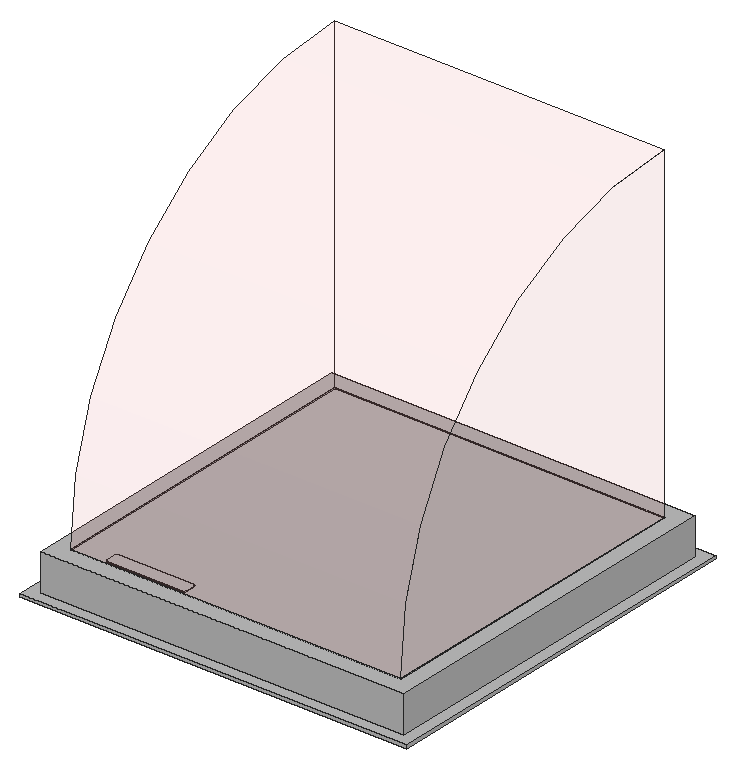
Revit family "Door_Access_Floor_Best_Access_Doors_BA-WTFD-H20", category Specialty Equipment, host Face, Revit 2017
Family settings
  Host = Face
  Round Connector Dimension = Use Diameter
  Part Type = Normal
  Cut with Voids When Loaded = No
  Shared = No
  Room Calculation Point = No
Parameters
  halfswing = (Door Width / 2)  # 1' - 2 1/2"
  Warranty Duration (Years) = 0
  Unit Width = 2' - 0"
  Unit Weight = 0
  Unit Height = 2' - 0"
  Unit Depth = 0' - 3 1/2"
  URL = "https://www.bestaccessdoors.com/"
  Test Data = ""
  Swing Clearance Visible [instance] = yes
  Standards Conformance = "as Specified"
  Specification = ""
  SpecWizard = ""
  SingleSwing [instance] = and(Single Leaf, Swing Clearance Visible)  # yes
  Single Leaf = Unit Width < 4' 0"  # yes
  Sales Information = ""
  Revision = "R1_2017-03"
  Product data url = "https://bimobject.com/best-access-doors/product/watertight-floor-hatch-h20-loading"
  Product Properties = ""
  Product Data = ""
  Overall Width = 2' - 8"
  Overall Height = 2' - 8"
  Opening Width = Unit Width  # 2' - 0"
  Opening Height = Unit Height  # 2' - 0"
  Opening Depth [instance] = 1' - 0"
  Model = "As Specified"
  Manufacturer = "Best Access Doors"  # constant formula
  Maintenance Schedule (Months) = 0
  Keynote = ""
  Installation-Fabrication = ""
  Installation Phase = ""
  Green Building-LEED = ""
  Frame Finish [instance] = Metal - Best Access Doors - Aluminum
  Fixture Finish [instance] = Metal - Best Access Doors - Aluminum Diamond Plated
  Expected Lifespan (Years) = 0
  DoubleSwing [instance] = and(Double Leaf, Swing Clearance Visible)  # no
  Double Leaf = not(Single Leaf)  # no
  Door Width = Overall Width - 0' 3"  # 2' - 5"
  Door Height = Overall Height - 0' 3"  # 2' - 5"
  Description = "Best Access Doors Product as Specified"
  Default Elevation = 0' - 0"  # constant formula
  Construction Details = ""
  Clearance Material [instance] = Clearance
  Clear Opening Width = 1' - 8"
  Clear Opening Height = 2' - 0"
  Capacity = "as Specified"
  Available Options [instance] = "as Specified"
  Assembly Code = ""
Reference planes (in)
  plane 1 "Center (Front/Back)": y = 1.28343
  plane 2: z = 0
  plane 3 "Center (Left/Right)": x = 0
  plane 4: y = 13.28343
  plane 5: y = -10.71657
  plane 6: x = -12
  plane 7: x = 12
  plane 8: z = 0
  plane 9: y = 17.28343
  plane 10: y = -14.71657
  plane 11: x = -16
  plane 12: x = 16
  plane 13: z = -3.5
  plane 14: x = -12
  plane 15: x = 12
  plane 16: y = 13.28343
  plane 17: y = -10.71657
  plane 18: z = -12
  plane 19: y = 15.78343
  plane 20: y = -13.21657
  plane 21: x = -14.5
  plane 22: x = 14.5
Forms (in)
  Extrusion 1, void
    sketch origin (0, 0, 0) x (1, 0, 0) y (0, 1, 0)
      loop
        line (-12, 13.28343) -> (-12, -10.71657) -> (12, -10.71657) -> (12, 13.28343) -> (-12, 13.28343)
    from -12 to 0
  Extrusion 2, void
    sketch origin (0, 0, 0) x (1, 0, 0) y (0, 1, 0)
      loop
        line (-16, 17.28343) -> (-16, -14.71657) -> (16, -14.71657) -> (16, 17.28343) -> (-16, 17.28343)
    from 0 to -3.5
  Sweep 3, solid, material "Metal - Best Access Doors - Aluminum" <- "Frame Finish"
    path origin (0, 0, 0) x (1, 0, 0) y (0, 1, 0)
      loop
        line (-16, 17.28343) -> (-16, -14.71657) -> (16, -14.71657) -> (16, 17.28343) -> (-16, 17.28343)
    profile origin (0, 17.28343, 0) x (0, 1, 0) y (0, 0, 1)
      loop
        line (0, 0) -> (-1.5, 0) -> (-1.5, -0.25) -> (-0.25, -0.25) -> (-0.25, -3.25) -> (-3.75, -3.25) -> (-3.75, -0.25) -> (-4, -0.25) -> (-4, -3.5) -> (1, -3.5) -> (1, -3.25) -> (0, -3.25) -> (0, 0)
  Extrusion 4, solid, material "Metal - Best Access Doors - Aluminum Diamond Plated" <- "Fixture Finish", visible <- "Single Leaf"
    sketch origin (0, 0, 0) x (1, 0, 0) y (0, 1, 0)
      loop
        line (-14.5, 15.78343) -> (-14.5, -13.21657) -> (14.5, -13.21657) -> (14.5, 15.78343) -> (-14.5, 15.78343)
    from 0 to -0.25
  Extrusion 5, solid, material "Metal - Best Access Doors - Aluminum" <- "Frame Finish", visible <- "Single Leaf"
    sketch origin (0, 0, 0) x (1, 0, 0) y (0, 1, 0)
      loop
        arc (-11.44431, -11.76889) -> (-11.62109, -11.84211) -> (-11.69431, -12.01889) r 0.25
        line (-11.69431, -12.01889) -> (-11.69431, -12.76889)
        arc (-11.69431, -12.76889) -> (-11.62109, -12.94567) -> (-11.44431, -13.01889) r 0.25
        line (-11.44431, -13.01889) -> (-4.94431, -13.01889)
        arc (-4.94431, -13.01889) -> (-4.76754, -12.94567) -> (-4.69431, -12.76889) r 0.25
        line (-4.69431, -12.76889) -> (-4.69431, -12.01889)
        arc (-4.69431, -12.01889) -> (-4.76754, -11.84211) -> (-4.94431, -11.76889) r 0.25
        line (-4.94431, -11.76889) -> (-11.44431, -11.76889)
    from 0 to -0.25
  Extrusion 6, solid, material "Metal - Best Access Doors - Aluminum" <- "Frame Finish", visible <- "Single Leaf"
    sketch origin (0, 0, 0) x (1, 0, 0) y (0, 1, 0)
      loop
        line (-11.25, 12.53343) -> (-11.25, -9.96489) -> (11.24832, -9.96489) -> (11.24832, 12.53343) -> (-11.25, 12.53343)
    from -1.75 to -0.25
  Extrusion 7, solid, material "Metal - Best Access Doors - Aluminum Diamond Plated" <- "Fixture Finish", visible <- "Double Leaf"
    sketch origin (0, 0, 0) x (1, 0, 0) y (0, 1, 0)
      loop
        line (-14.5, 15.78343) -> (-14.5, -13.21657) -> (0, -13.21657) -> (0, 15.78343) -> (-14.5, 15.78343)
    from 0 to -0.25
  Extrusion 8, solid, material "Metal - Best Access Doors - Aluminum Diamond Plated" <- "Fixture Finish", visible <- "Double Leaf"
    sketch origin (0, 0, 0) x (-1, 0, 0) y (0, -1, 0)
      loop
        line (-14.5, -15.78343) -> (0, -15.78343) -> (0, 13.21657) -> (-14.5, 13.21657) -> (-14.5, -15.78343)
    from 0 to -0.25
  Extrusion 9, solid, material "Metal - Best Access Doors - Aluminum" <- "Frame Finish", visible <- "Double Leaf"
    sketch origin (0, 0, 0) x (1, 0, 0) y (0, 1, 0)
      loop
        line (-11.25, 12.53343) -> (-11.25, -9.96489) -> (0, -9.96489) -> (0, 12.53343) -> (-11.25, 12.53343)
    from -1.75 to -0.25
  Extrusion 10, solid, material "Metal - Best Access Doors - Aluminum" <- "Frame Finish", visible <- "Double Leaf"
    sketch origin (0, 0, 0) x (-1, 0, 0) y (0, -1, 0)
      loop
        line (-11.25, -12.53343) -> (0, -12.53343) -> (0, 9.96489) -> (-11.25, 9.96489) -> (-11.25, -12.53343)
    from -1.75 to -0.25
  Extrusion 11, solid, material "Metal - Best Access Doors - Aluminum" <- "Frame Finish", visible <- "Double Leaf"
    sketch origin (2.19992, 0, 0) x (1, 0, 0) y (0, 1, 0)
      loop
        arc (-12.44992, -11.76889) -> (-12.62669, -11.84211) -> (-12.69992, -12.01889) r 0.25
        line (-12.69992, -12.01889) -> (-12.69992, -12.76889)
        arc (-12.69992, -12.76889) -> (-12.62669, -12.94567) -> (-12.44992, -13.01889) r 0.25
        line (-12.44992, -13.01889) -> (-5.94992, -13.01889)
        arc (-5.94992, -13.01889) -> (-5.77314, -12.94567) -> (-5.69992, -12.76889) r 0.25
        line (-5.69992, -12.76889) -> (-5.69992, -12.01889)
        arc (-5.69992, -12.01889) -> (-5.77314, -11.84211) -> (-5.94992, -11.76889) r 0.25
        line (-5.94992, -11.76889) -> (-12.44992, -11.76889)
      loop
        line (8.05008, -11.76889) -> (1.55008, -11.76889)
        arc (1.55008, -11.76889) -> (1.37331, -11.84211) -> (1.30008, -12.01889) r 0.25
        line (1.30008, -12.01889) -> (1.30008, -12.76889)
        arc (1.30008, -12.76889) -> (1.37331, -12.94567) -> (1.55008, -13.01889) r 0.25
        line (1.55008, -13.01889) -> (8.05008, -13.01889)
        arc (8.05008, -13.01889) -> (8.22686, -12.94567) -> (8.30008, -12.76889) r 0.25
        line (8.30008, -12.76889) -> (8.30008, -12.01889)
        arc (8.30008, -12.01889) -> (8.22686, -11.84211) -> (8.05008, -11.76889) r 0.25
    from 0 to -0.25
  Extrusion 12, solid, material "Clearance" <- "Clearance Material", visible <- "SingleSwing"
    sketch origin (0, 0, 0) x (0, 1, 0) y (0, 0, 1)
      loop
        arc (15.78343, 29) -> (-4.72267, 20.5061) -> (-13.21657, 0) r 29
        line (-13.21657, 0) -> (15.78343, 0) -> (15.78343, 29)
    from -14.5 to 14.5
  Extrusion 13, solid, material "Clearance" <- "Clearance Material", visible <- "DoubleSwing"
    sketch origin (0, 1.28343, 0) x (1, 0, 0) y (0, 0, 1)
      loop
        arc (0, 0) -> (-4.24695, 10.25305) -> (-14.5, 14.5) r 14.5
        line (-14.5, 14.5) -> (-14.5, 0) -> (0, 0)
    from -14.5 to 14.5
  Extrusion 14, solid, material "Clearance" <- "Clearance Material", visible <- "DoubleSwing"
    sketch origin (0, 1.28343, 0) x (-1, 0, 0) y (0, 0, -1)
      loop
        line (0, 0) -> (-14.5, 0) -> (-14.5, -14.5)
        arc (-14.5, -14.5) -> (-4.24695, -10.25305) -> (0, 0) r 14.5
    from -14.5 to 14.5
Lines and regions (in)
  model lines, visible <- "Single Leaf"
    curve 1: line (-14.5, -13.21657, 0) -> (0, 15.78343, 0)
    curve 2: line (0, 15.78343, 0) -> (14.5, -13.21657, 0)
  model lines, visible <- "Double Leaf"
    curve 3: line (0, 15.78343, 0) -> (-14.5, 1.28343, 0)
    curve 4: line (-14.5, 1.28343, 0) -> (0, -13.21657, 0)
    curve 5: line (0, -13.21657, 0) -> (14.5, 1.28343, 0)
    curve 6: line (14.5, 1.28343, 0) -> (0, 15.78343, 0)
Dimensions and locks (in)
  locked: plane 8 to level
  equal spacing: plane 4, plane 1 "Center (Front/Back)", plane 5
  "Unit Height": plane 4 to plane 5
  equal spacing: plane 6, plane 3 "Center (Left/Right)", plane 7
  "Unit Width": plane 6 to plane 7
  equal spacing: plane 11, plane 3 "Center (Left/Right)", plane 12
  equal spacing: plane 9, plane 1 "Center (Front/Back)", plane 10
  "Overall Width": plane 11 to plane 12
  "Overall Height": plane 9 to plane 10
  "Unit Depth": plane 8 to plane 13
  equal spacing: plane 16, plane 1 "Center (Front/Back)", plane 17
  equal spacing: plane 14, plane 3 "Center (Left/Right)", plane 15
  "Opening Width": plane 14 to plane 15
  "Opening Height": plane 16 to plane 17
  "Opening Depth": level to plane 18
  locked: plane 11 to Extrusion 4 sketch curve at 1.5
  locked: plane 9 to Extrusion 4 sketch curve at 1.5
  locked: Extrusion 4 sketch curve to plane 12 at 1.5
  locked: Extrusion 4 sketch curve to plane 10 at 1.5
  Extrusion 5 sketch curve to Extrusion 5 sketch curve to plane 10 = 0' - 1 1/4" locked, 0' - 1.69768" locked
  plane 11 to Extrusion 5 sketch curve to Extrusion 5 sketch curve = 0' - 4.30569" locked, 0' - 7" locked
  locked: Extrusion 6 sketch curve to plane 15 at 0.75168
  locked: plane 14 to Extrusion 6 sketch curve at 0.75
  locked: plane 16 to Extrusion 6 sketch curve at 0.75
  locked: Extrusion 6 sketch curve to plane 17 at 0.75168
  locked: plane 9 to Extrusion 8 sketch curve at 1.5
  locked: Extrusion 8 sketch curve to plane 12 at 1.5
  locked: Extrusion 8 sketch curve to plane 10 at 1.5
  locked: plane 9 to Extrusion 7 sketch curve at 1.5
  locked: Extrusion 7 sketch curve to plane 10 at 1.5
  locked: plane 11 to Extrusion 7 sketch curve at 1.5
  locked: plane 9 to plane 19 at 1.5
  locked: plane 20 to plane 10 at 1.5
  locked: plane 11 to plane 21 at 1.5
  locked: plane 22 to plane 12 at 1.5
  locked: plane 16 to Extrusion 9 sketch curve at 0.75
  locked: Extrusion 9 sketch curve to plane 17 at 0.75168
  locked: plane 14 to Extrusion 9 sketch curve at 0.75
  locked: plane 16 to Extrusion 10 sketch curve at 0.75
  locked: Extrusion 10 sketch curve to plane 17 at 0.75168
  locked: Extrusion 10 sketch curve to plane 15 at 0.75
  locked: Extrusion 11 sketch curve to Extrusion 11 sketch curve at 1.25  (x2)
  locked: Extrusion 11 sketch curve to Extrusion 11 sketch curve at 7  (x2)
  locked: Extrusion 11 sketch curve to plane 3 "Center (Left/Right)" at 3.5
  locked: plane 3 "Center (Left/Right)" to Extrusion 11 sketch curve at 3.5
  locked: plane 20 to Extrusion 11 sketch curve at 0.19768  (x2)
  "Door Height": radius of Extrusion 12 sketch curve
  "halfswing": radius of Extrusion 13 sketch curve
  "halfswing": radius of Extrusion 14 sketch curve
  aligned and locked: host face to plane 2
  aligned and locked: host face to level
  aligned and locked: Extrusion 1 sketch curve to plane 16
  aligned and locked: plane 14 to Extrusion 1 sketch curve
  aligned and locked: plane 17 to Extrusion 1 sketch curve
  aligned and locked: Extrusion 1 sketch curve to plane 15
  aligned and locked: Extrusion 1 to plane 18
  aligned and locked: plane 8 to Extrusion 1
  aligned and locked: Extrusion 2 sketch curve to plane 9
  aligned and locked: plane 11 to Extrusion 2 sketch curve
  aligned and locked: plane 10 to Extrusion 2 sketch curve
  aligned and locked: Extrusion 2 sketch curve to plane 12
  aligned and locked: Sweep 3 sketch curve to plane 9
  aligned and locked: plane 11 to Sweep 3 sketch curve
  aligned and locked: plane 10 to Sweep 3 sketch curve
  aligned and locked: Sweep 3 sketch curve to plane 12
  aligned and locked: Extrusion 8 sketch curve to plane 3 "Center (Left/Right)"
  aligned and locked: Extrusion 7 sketch curve to plane 3 "Center (Left/Right)"
  aligned and locked: plane 19 to curve 6
  aligned and locked: plane 3 "Center (Left/Right)" to curve 3
  aligned and locked: plane 3 "Center (Left/Right)" to curve 5
  aligned and locked: plane 20 to curve 4
  aligned and locked: plane 21 to curve 4
  aligned and locked: plane 1 "Center (Front/Back)" to curve 4
  aligned and locked: plane 1 "Center (Front/Back)" to curve 6
  aligned and locked: plane 22 to curve 6
  aligned and locked: Extrusion 9 sketch curve to plane 3 "Center (Left/Right)"
  aligned and locked: Extrusion 10 sketch curve to plane 3 "Center (Left/Right)"
  aligned and locked: Extrusion 12 sketch curve to plane 19
  aligned and locked: plane 21 to Extrusion 12
  aligned and locked: Extrusion 12 to plane 22
  aligned and locked: Extrusion 13 sketch curve to plane 21
  aligned and locked: Extrusion 14 sketch curve to plane 22
  aligned and locked: plane 20 to Extrusion 14
  aligned and locked: plane 20 to Extrusion 13
  aligned and locked: Extrusion 14 to plane 19
  aligned and locked: Extrusion 13 to plane 19
Automatic sketch dimensions
  host sketch curve to host sketch curve = 12' - 11.75605"
  host sketch curve to host sketch curve = 12' - 7.74281"
  Sweep 3 sketch curve to level = 0' - 0"
  Sweep 3 sketch curve to profile plane = 0' - 0"
  profile plane to Sweep 3 sketch curve = 0' - 0 1/4"
  Sweep 3 sketch curve to level = 0' - 0 1/4"  (x2)
  Sweep 3 sketch curve to Sweep 3 sketch curve = 0' - 1 1/4"
  Sweep 3 sketch curve to Sweep 3 sketch curve = 0' - 3 1/2"
  Sweep 3 sketch curve to Sweep 3 sketch curve = 0' - 0 1/4"  (x2)
  Sweep 3 sketch curve to profile plane = 0' - 1"
  Sweep 3 sketch curve to Sweep 3 sketch curve = 0' - 3"
  Sweep 3 sketch curve to Sweep 3 sketch curve = 0' - 0"
  Extrusion 5 sketch curve to Extrusion 5 sketch curve = 0' - 0 1/4"  (x4)
  curve 1 to Extrusion 4 = 0' - 0"  (x2)
  curve 2 to Extrusion 4 = 0' - 0"  (x2)
  Extrusion 4 to curve 2 = 0' - 0"
  curve 2 to Extrusion 4 = 1' - 2 1/2"
  Extrusion 11 sketch curve to Extrusion 11 sketch curve = 0' - 0 1/4"  (x8)
  Extrusion 12 sketch curve to level = 0' - 0"
  Extrusion 12 sketch curve to plane 20 = 0' - 0"
  Extrusion 13 sketch curve to level = 0' - 0"  (x2)
  Extrusion 14 sketch curve to level = 0' - 0"  (x2)
